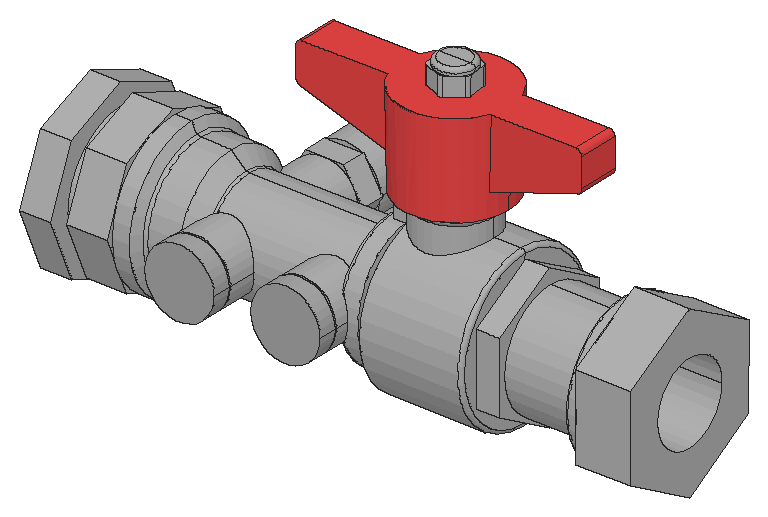
Revit family "QD38150000", category Apparecchi idraulici, Revit 2016
Family settings
  Tipo di parte = Normale
  Quota connettore circolare = Usa diametro
  Numero OmniClass = 23.45.00.00
  Titolo OmniClass = Sanitary, Laundry, and Cleaning Equipment
  Basato su piano di lavoro = No
  Sempre verticale = Sì
  Taglio con vuoti quando caricato = No
  Condiviso = No
  Punto di calcolo locali = No
Parameters
  URL = "https://web.cimberio.it/index.php/figura/1000?subcategoria_id=43550"
  Produttore = "CIMBERIO"
  Modello = "Cim 211PE"
  DN Model [instance] = QD38153160 : QD38153160
  DN [instance] = 20 mm  # constant formula
Reference planes
  plane 1 "Centro (Fronte/Retro)": y = 0
  plane 2: z = 0
  plane 3 "Centro (Sinistra/Destra)": x = 0
Dimensions and locks
  aligned and locked: level to plane 2
Nested families
  nested 1: "QD38153160" at (0, 0, 0), type <- "DN Model", type "QD38153160"
  nested 2: "QD38153160" at (0, 0, 0), type <- "DN Model", type "QD38153160"
Connectors
  piping at (57.4, 0, 0), diameter 20, driven by "DN"
    settings: on nested 1, index 1, connector inside diameter 609.6 mm, connector length 0 mm, flow factor 0, pipe flow 0.0 L/s, pressure drop 0.0 Pa, fitting loss kfactor 0, connector angle 0.00°, fixture units 0, engagement length 0 mm, angle of deflection 0.00°, flow configuration 0, flow direction 0, fitting loss method 0, system type 7, joint type 0, gender type 0, connector reference index -1, connector utility 0, adjustable connector no, is connector primary yes, connector description ""
  piping at (-89.388, 0, 0), diameter 20, driven by "DN"
    settings: on nested 1, index 2, connector inside diameter 609.6 mm, connector length 0 mm, flow factor 0, pipe flow 0.0 L/s, pressure drop 0.0 Pa, fitting loss kfactor 0, connector angle 0.00°, fixture units 0, engagement length 0 mm, angle of deflection 0.00°, flow configuration 0, flow direction 0, fitting loss method 0, system type 7, joint type 0, gender type 0, connector reference index -1, connector utility 0, adjustable connector no, is connector primary no, connector description ""
Definition of nested family "QD38153160"
  Parameters (values of type "QD38153160")
    Model = "QD40403163"
    DN [instance] = "1\""
  Reference planes
    plane 1 "Centro (Fronte/Retro)": y = 0
    plane 2: z = 0
    plane 3 "Centro (Sinistra/Destra)": x = 0
  Forms (mm)
    Revolve 1, solid
      sketch origin (0, 0, 0) x (1, 0, 0) y (0, 0, 1)
        loop
          line (23.1, 14) -> (23.1, 10) -> (41.4, 10) -> (41.4, 14) -> (23.1, 14)
        axis (23.1, 0) -> (41.4, 0)
      angle from 0 to 360
    Revolve 2, solid
      sketch origin (10.6, 0, 0) x (1, 0, 0) y (0, 0, 1)
        loop
          arc (31.3, 18) -> (30.946, 17.854) -> (30.8, 17.5) r 0.5
          line (30.8, 17.5) -> (30.8, 10) -> (33.313, 10) -> (33.313, 18) -> (31.3, 18)
        axis (30.8, 0) -> (33.313, 0)
      angle from 0 to 360
    Revolve 3, solid
      sketch origin (0, 0, 0) x (1, 0, 0) y (0, 0, 1)
        loop
          line (5, 31.3) -> (5, 15.282) -> (9.381, 15.282) -> (9.381, 24)
          arc (9.381, 24) -> (9.751, 24.365) -> (9.887, 24.866) r 0.994
          line (9.887, 24.866) -> (9.887, 31.3) -> (5, 31.3)
        axis (0, 31.3) -> (0, 15.282)
      angle from 0 to 360
    Revolve 4, solid
      sketch origin (0, 0, 0) x (1, 0, 0) y (0, 0, 1)
        loop
          line (-1.75, 26.8) -> (-1.75, 32.8) -> (0, 32.8) -> (0, 49.8) -> (-13.579, 49.8) -> (-13.134, 26.8) -> (-1.75, 26.8)
        axis (0, 49.8) -> (0, 26.8)
      angle from 0 to 360
    Revolve 5, solid
      sketch origin (0, 0, 0) x (1, 0, 0) y (0, 0, 1)
        loop
          line (0, 55.8) -> (0, 53.928) -> (4.75, 53.928) -> (4.75, 54.8)
          arc (4.75, 54.8) -> (4.456, 55.508) -> (3.748, 55.8) r 1
          line (3.748, 55.8) -> (0, 55.8)
        axis (0, 55.8) -> (0, 53.928)
      angle from 0 to 360
    Extrusion 6, solid
      sketch origin (0, 0, 0) x (1, 0, 0) y (0, 0, 1)
        loop
          arc (-33.5, 49.8) -> (-34.561, 49.361) -> (-35, 48.3) r 1.5
          line (-35, 48.3) -> (-35, 41.227)
          arc (-35, 41.227) -> (-34.714, 40.345) -> (-33.964, 39.8) r 1.5
          line (-33.964, 39.8) -> (-10.874, 32.298) -> (-10.874, 49.8) -> (-33.5, 49.8)
        loop
          line (33.5, 49.8) -> (10.874, 49.8) -> (10.874, 32.298) -> (33.964, 39.8)
          arc (33.964, 39.8) -> (34.714, 40.345) -> (35, 41.227) r 1.5
          line (35, 41.227) -> (35, 48.3)
          arc (35, 48.3) -> (34.561, 49.361) -> (33.5, 49.8) r 1.5
      from -5 to 5
    Extrusion 7, solid
      sketch origin (0, 0, 28.55) x (1, 0, 0) y (0, 1, 0)
        loop
          line (-1.146, 5.373) -> (-4.802, 2.675)
          arc (-4.802, 2.675) -> (-5.145, 2.245) -> (-5.227, 1.701) r 1.063
          line (-5.227, 1.701) -> (-4.719, -2.806)
          arc (-4.719, -2.806) -> (-4.514, -3.33) -> (-4.073, -3.682) r 1.088
          line (-4.073, -3.682) -> (0.09, -5.499)
          arc (0.09, -5.499) -> (0.628, -5.58) -> (1.134, -5.381) r 1.051
          line (1.134, -5.381) -> (4.803, -2.674)
          arc (4.803, -2.674) -> (5.145, -2.245) -> (5.227, -1.703) r 1.06
          line (5.227, -1.703) -> (4.717, 2.823)
          arc (4.717, 2.823) -> (4.517, 3.333) -> (4.089, 3.675) r 1.058
          line (4.089, 3.675) -> (-0.077, 5.493)
          arc (-0.077, 5.493) -> (-0.628, 5.576) -> (-1.146, 5.373) r 1.076
      from 21.25 to 25.75
    Extrusion 8, solid
      sketch origin (10.15, 0, 0) x (0, 1, 0) y (0, 0, 1)
        loop
          circle (0, 0) r 10
        loop
          line (0, 20.75) -> (-17.97, 10.375) -> (-17.97, -10.375) -> (0, -20.75) -> (17.97, -10.375) -> (17.97, 10.375) -> (0, 20.75)
      from 33.75 to 47.25
    Extrusion 9, solid
      sketch origin (0, 0, 0) x (0, 1, 0) y (0, 0, 1)
        loop
          circle (0, 0) r 10
        loop
          line (0, 17.5) -> (-15.155, 8.75) -> (-15.155, -8.75) -> (0, -17.5) -> (15.155, -8.75) -> (15.155, 8.75) -> (0, 17.5)
      from 17.1 to 23.1
    Extrusion 10, solid
      sketch origin (0, 0, 0) x (-1, 0, 0) y (0, 0, -1)
        loop
          line (14, -30.3) -> (14, -15.3) -> (8.237, -15.3) -> (8.237, -30.3) -> (14, -30.3)
      from 0 to 1.41
    Extrusion 11, solid
      sketch origin (-11, 0, 0) x (0, 0, 1) y (0, 1, 0)
        loop
          circle (0, 0) r 10
        loop
          line (21.5, 0) -> (15.203, 15.203) -> (0, 21.5) -> (-15.203, 15.203) -> (-21.5, 0) -> (-15.203, -15.203) -> (0, -21.5) -> (15.203, -15.203) -> (21.5, 0)
      from 70.888 to 78.388
    Revolve 12, solid
      sketch origin (0, 0, 0) x (1, 0, 0) y (0, 0, 1)
        loop
          line (-81.888, 16.5) -> (-81.888, 10) -> (-79, 10) -> (-79, 16.5) -> (-81.888, 16.5)
        axis (-81.888, 0) -> (-79, 0)
      angle from 0 to 360
    Extrusion 13, solid
      sketch origin (-11, 0, 0) x (0, 0, 1) y (0, 1, 0)
        loop
          circle (0, 0) r 10
        loop
          line (20.15, 0) -> (14.248, 14.248) -> (0, 20.15) -> (-14.248, 14.248) -> (-20.15, 0) -> (-14.248, -14.248) -> (0, -20.15) -> (14.248, -14.248) -> (20.15, 0)
      from 58 to 68
    Revolve 14, solid
      sketch origin (0, 0, 0) x (1, 0, 0) y (0, 0, 1)
        loop
          line (16.1, 19.5) -> (-7.75, 19.5) -> (-11, 16.25) -> (-15.001, 16.25)
          arc (-15.001, 16.25) -> (-15.707, 15.957) -> (-16, 15.25) r 1
          line (-16, 15.25) -> (-16, 13.5)
          arc (-16, 13.5) -> (-16.293, 12.793) -> (-17, 12.5) r 1
          line (-17, 12.5) -> (-50.586, 12.5)
          arc (-50.586, 12.5) -> (-50.968, 12.576) -> (-51.293, 12.793) r 1
          line (-51.293, 12.793) -> (-54.75, 16.25) -> (-62.423, 16.25)
          arc (-62.423, 16.25) -> (-62.923, 16.384) -> (-63.289, 16.75) r 1
          line (-63.289, 16.75) -> (-64.588, 19) -> (-69, 19) -> (-69, 10) -> (17.1, 10) -> (17.1, 18.5)
          arc (17.1, 18.5) -> (16.807, 19.207) -> (16.1, 19.5) r 1
        axis (-69, 0) -> (17.1, 0)
      angle from 0 to 360
    Revolve 15, solid
      sketch origin (0, 0, 0) x (1, 0, 0) y (0, 1, 0)
        loop
          line (-48, 19.5) -> (-48, 8.506) -> (-39.5, 8.506) -> (-39.5, 19.5) -> (-48, 19.5)
        axis (-48, 19.5) -> (-48, 8.506)
      angle from 0 to 360
    Revolve 16, solid
      sketch origin (0, 0, 0) x (1, 0, 0) y (0, 1, 0)
        loop
          arc (-40.634, 19.5) -> (-41, 19.866) -> (-41.5, 20) r 1
          line (-41.5, 20) -> (-48, 20) -> (-48, 18.5) -> (-40.634, 18.5) -> (-40.634, 19.5)
        axis (-48, 18.5) -> (-48, 20)
      angle from 0 to 360
    Extrusion 17, solid
      sketch origin (-48, 0, 48) x (0, 0, 1) y (-1, 0, 0)
        loop
          line (-48, 9.35) -> (-56.097, 4.675) -> (-56.097, -4.675) -> (-48, -9.35) -> (-39.903, -4.675) -> (-39.903, 4.675) -> (-48, 9.35)
      from -26 to -20
    Revolve 18, solid
      sketch origin (0, 0, 0) x (1, 0, 0) y (0, 1, 0)
        loop
          line (-48, 46.8) -> (-52.647, 46.8) -> (-52.647, 44.5) -> (-54.3, 44.5) -> (-54.8, 43.883) -> (-54.8, 38.2)
          arc (-54.8, 38.2) -> (-55.206, 37.761) -> (-55, 37.2) r 0.572
          line (-55, 37.2) -> (-57, 37) -> (-57, 26) -> (-48, 26) -> (-48, 46.8)
        axis (-48, 46.8) -> (-48, 26)
      angle from 0 to 360
    Revolve 19, solid
      sketch origin (0, 0, 0) x (1, 0, 0) y (0, 1, 0)
        loop
          arc (-39.6, 52.5) -> (-40.185, 53.913) -> (-41.598, 54.5) r 2
          line (-41.598, 54.5) -> (-48, 54.5) -> (-48, 46.8) -> (-39.6, 46.8) -> (-39.6, 52.5)
        axis (-48, 46.8) -> (-48, 54.5)
      angle from 0 to 360
    Revolve 20, solid
      sketch origin (0, 0, 0) x (1, 0, 0) y (0, 1, 0)
        loop
          line (-30.5, 19.5) -> (-30.5, 7.482) -> (-22, 7.482) -> (-22, 20) -> (-28.299, 20)
          arc (-28.299, 20) -> (-28.771, 19.865) -> (-29.1, 19.5) r 0.89
          line (-29.1, 19.5) -> (-30.5, 19.5)
        axis (-22, 20) -> (-22, 7.482)
      angle from 0 to 360
    Revolve 21, solid
      sketch origin (-26, 0, 0) x (1, 0, 0) y (0, 1, 0)
        loop
          line (-30.5, -19.5) -> (-29.1, -19.5)
          arc (-29.1, -19.5) -> (-28.771, -19.865) -> (-28.299, -20) r 0.89
          line (-28.299, -20) -> (-22, -20) -> (-22, -4.805) -> (-30.5, -4.805) -> (-30.5, -19.5)
        axis (-22, -20) -> (-22, -4.805)
      angle from 0 to 360
    Extrusion 22, solid
      sketch origin (-26, 0, 0) x (1, 0, 0) y (0, 0, 1)
        loop
          circle (-22, 0) r 8.5
      from 20 to 24.5
    Extrusion 23, solid
      sketch origin (0, 0, 0) x (1, 0, 0) y (0, 0, -1)
        loop
          circle (-22, 0) r 8.5
      from 20 to 24.5
    Revolve 24, solid
      sketch origin (0, 0, 0) x (1, 0, 0) y (0, 1, 0)
        loop
          line (-30.5, -19.5) -> (-29.1, -19.5)
          arc (-29.1, -19.5) -> (-28.771, -19.865) -> (-28.299, -20) r 0.89
          line (-28.299, -20) -> (-22, -20) -> (-22, -4.805) -> (-30.5, -4.805) -> (-30.5, -19.5)
        axis (-22, -20) -> (-22, -4.805)
      angle from 0 to 360
    Extrusion 25, solid
      sketch origin (0, 0, 0) x (1, 0, 0) y (0, 0, 1)
        loop
          circle (-22, 0) r 8.5
      from 20 to 24.5
    Revolve 26, solid
      sketch origin (0, 31.396, 0) x (1, 0, 0) y (0, 0, 1)
        loop
          line (-44.15, -6.69) -> (-48, -6.69) -> (-48, -20) -> (-44.727, -20)
          arc (-44.727, -20) -> (-44.313, -19.902) -> (-44.056, -19.564) r 0.63
          line (-44.056, -19.564) -> (-43.5, -17) -> (-44.322, -17) -> (-43.315, -14) -> (-44.15, -14) -> (-44.15, -6.69)
        axis (-48, -20) -> (-48, -6.69)
      angle from 0 to 360
  Cuts and joins
    joined: Revolve 4, Extrusion 6
  Dimensions and locks
    aligned and locked: level to plane 2
